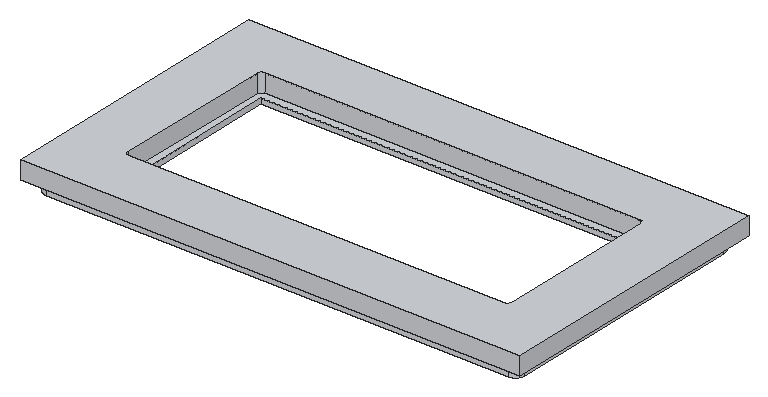
Revit family "Gira_100210", category Electrical Fixtures, host Face, Revit 2017
Family settings
  Host = Face
  Maintain Annotation Orientation = No
  Round Connector Dimension = Use Diameter
  Part Type = Normal
  Cut with Voids When Loaded = No
  Shared = No
  Room Calculation Point = No
Parameters (values of type "Abdeckrahmen 2f o.M. Gira Esprit Chrom")
  Werkstoffgüte = "sonstige"
  Werkstoff = "Metall"
  URL = "http://katalog.gira.de/de_DE/datenblatt.html?artikelnr=100210"
  Transparent = "No"
  Textfeld/Beschriftungsfläche = "No"
  Schutzart (IP) = "IP20"
  Region = "DE"
  Oberfläche = "sonstige"
  Name = "Abdeckrahmen 2f o.M. Gira Esprit Chrom"
  Montagerichtung = "horizontal und vertikal"
  Mit Montagerahmen = "No"
  Mit Klappdeckel = "No"
  Manufacturer URL = "https://www.gira.de/"
  Keynote = "Espr._Rahmen_2fach o.Mittelsteg"
  HeinzeBIM = "https://bimportal.heinze.de/bim/abdeckrahmen-2f-o-m-gira-esprit-chrom/ed32b01c8cbd63ebb61e2b9d58ffabcef88f36dc"
  Halogenfrei = "No"
  HAN = "100210"
  Geeignet für Unterputz-Installation = "Yes"
  Geeignet für Unterflurkanaldose = "No"
  Geeignet für Geräteeinbaukanal = "No"
  Geeignet für Einbauinstallation = "No"
  GTIN = "4010337003342"
  Farbe = "chrom"
  Default Elevation = 1219.2 mm
  Data sheet (1) = "https://katalog.gira.de/de_DE/download.html?artikelnr=100210"
  Category = "Abdeckrahmen"
  Befestigungsart = "Klemmbefestigung"
  Available = "Yes"
  Anzahl der Einheiten vertikal = "2 "
  Anzahl der Einheiten horizontal = "2 "
  Anzahl der Einheiten = "2 "
Reference planes
  plane 1 "Center (Front/Back)": y = 0
  plane 2: z = 0
  plane 3 "Center (Left/Right)": x = 0
Forms (mm)
  Extrusion 1, solid, detail levels fine
    sketch origin (0, 0, 0) x (1, 0, 0) y (0, 1, 0)
      loop
        line (-83, 47.5) -> (-83, -47.5) -> (83, -47.5) -> (83, 47.5) -> (-83, 47.5)
      loop
        arc (-63.75, -26.7) -> (-63.311, -27.761) -> (-62.25, -28.2) r 1.5
        line (-62.25, -28.2) -> (62.25, -28.2)
        arc (62.25, -28.2) -> (63.311, -27.761) -> (63.75, -26.7) r 1.5
        line (63.75, -26.7) -> (63.75, 26.7)
        arc (63.75, 26.7) -> (63.311, 27.761) -> (62.25, 28.2) r 1.5
        line (62.25, 28.2) -> (-62.25, 28.2)
        arc (-62.25, 28.2) -> (-63.311, 27.761) -> (-63.75, 26.7) r 1.5
        line (-63.75, 26.7) -> (-63.75, -26.7)
    from 0 to 6
  Extrusion 2, solid, detail levels fine
    sketch origin (0, 0, 0) x (1, 0, 0) y (0, 1, 0)
      loop
        line (-61.518, -25.7) -> (61.45, -25.7) -> (61.45, 25.7) -> (-61.518, 25.7) -> (-61.518, -25.7)
      loop
        arc (-78.55, -41.3) -> (-78.023, -42.573) -> (-76.75, -43.1) r 1.8
        line (-76.75, -43.1) -> (77.95, -43.1)
        arc (77.95, -43.1) -> (79.223, -42.573) -> (79.75, -41.3) r 1.8
        line (79.75, -41.3) -> (79.75, 41.3)
        arc (79.75, 41.3) -> (79.223, 42.573) -> (77.95, 43.1) r 1.8
        line (77.95, 43.1) -> (-76.75, 43.1)
        arc (-76.75, 43.1) -> (-78.023, 42.573) -> (-78.55, 41.3) r 1.8
        line (-78.55, 41.3) -> (-78.55, -41.3)
    from -1.9 to 0
  Extrusion 3, solid, detail levels fine
    sketch origin (0, 0, 0) x (1, 0, 0) y (0, 1, 0)
      loop
        arc (-76.75, 44.4) -> (-78.871, 43.521) -> (-79.75, 41.4) r 3
        line (-79.75, 41.4) -> (-79.75, -41.4)
        arc (-79.75, -41.4) -> (-78.871, -43.521) -> (-76.75, -44.4) r 3
        line (-76.75, -44.4) -> (76.75, -44.4)
        arc (76.75, -44.4) -> (78.871, -43.521) -> (79.75, -41.4) r 3
        line (79.75, -41.4) -> (79.75, 41.4)
        arc (79.75, 41.4) -> (78.871, 43.521) -> (76.75, 44.4) r 3
        line (76.75, 44.4) -> (-76.75, 44.4)
      loop
        arc (-78.55, -41.4) -> (-78.023, -42.673) -> (-76.75, -43.2) r 1.8
        line (-76.75, -43.2) -> (76.75, -43.2)
        arc (76.75, -43.2) -> (78.023, -42.673) -> (78.55, -41.4) r 1.8
        line (78.55, -41.4) -> (78.55, 41.4)
        arc (78.55, 41.4) -> (78.023, 42.673) -> (76.75, 43.2) r 1.8
        line (76.75, 43.2) -> (-76.75, 43.2)
        arc (-76.75, 43.2) -> (-78.023, 42.673) -> (-78.55, 41.4) r 1.8
        line (-78.55, 41.4) -> (-78.55, -41.4)
    from -3.7 to 0
  Extrusion 4, solid, detail levels medium
    sketch origin (0, 0, 0) x (1, 0, 0) y (0, 1, 0)
      loop
        line (-83, 47.5) -> (-83, -47.5) -> (83, -47.5) -> (83, 47.5) -> (-83, 47.5)
    from 0 to 6
  Extrusion 5, solid, detail levels medium
    sketch origin (0, 0, 0) x (1, 0, 0) y (0, 1, 0)
      loop
        line (-79.75, 44.4) -> (-79.75, -44.4) -> (79.75, -44.4) -> (79.75, 44.4) -> (-79.75, 44.4)
    from -3.7 to 0
  Extrusion 6, solid, detail levels coarse
    sketch origin (0, 0, 0) x (1, 0, 0) y (0, 1, 0)
      loop
        line (-83, 47.5) -> (-83, -47.5) -> (83, -47.5) -> (83, 47.5) -> (-83, 47.5)
    from -3.7 to 6
Dimensions and locks
  aligned and locked: plane 2 to host face
  aligned and locked: level to host face
